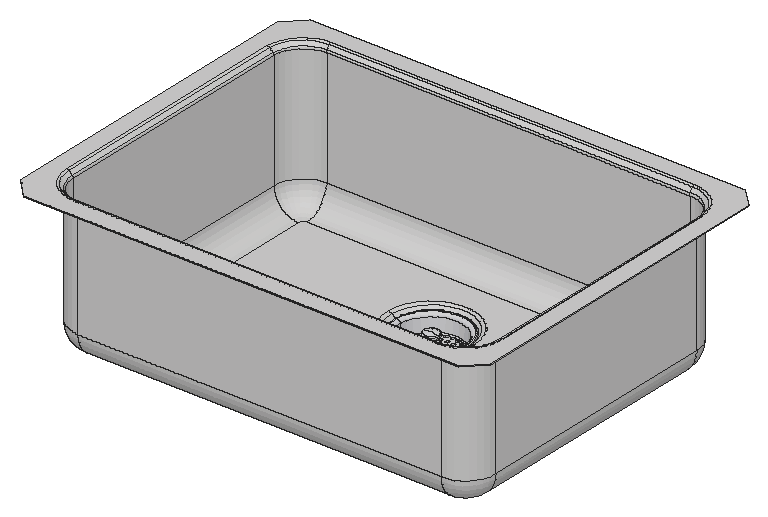
Revit family "Sink-Undermount-Kitchen-KOHLER-Undertone-K-3332", category Plumbing Fixtures, host Face, Revit 2017
Family settings
  Host = Face
  Round Connector Dimension = Use Diameter
  Part Type = Normal
  OmniClass Number = 23.31.13.00
  Cut with Voids When Loaded = No
  Shared = No
  Room Calculation Point = No
Parameters (values of type "NA-Stainless Steel")
  Width = 23"  # constant formula
  WaterSense Certified = 1 = 0  # no
  Waste Water Outlet = "Waste Water Outlet"  # constant formula
  Waste Connection = 1 = 1  # yes
  Vent Connection = 1 = 0  # no
  URL = "https://www.us.kohler.com/us/"
  Type = 1
  Product Page URL = "https://www.us.kohler.com/us/catalog/productDetails.jsp?productId=3332"
  Product Name = "Undertone"  # constant formula
  Product Documentation Link = "https://www.us.kohler.com/webassets/kpna/catalog/pdf/en/K-3332_spec_US-CA_Kohler_en.pdf"
  Model = "K-3332-NA"  # constant formula
  Material = "Premium 18-gauge stainless steel"  # constant formula
  Master Format 2014 Name = "Residential Lavatories and Sinks"  # constant formula
  Master Format 2014 = "22 41 16"  # constant formula
  Manufacturer Address = "444 Highland Dr, Kohler, WI 53044"  # constant formula
  Manufacturer = "KOHLER Co."  # constant formula
  Length = 17 1/2"  # constant formula
  Hot Water Inlet = "Hot Water Inlet"  # constant formula
  Height = 7 5/8"  # constant formula
  HW Connection = 1 = 0  # no
  Finish = Kohler-Metal-NA-Stainless
  Environmental Product Declaration = ""
  Drain Included = 1 = 0  # no
  Description = "23 inch x 17-1/2 inch x 7-5/8 inch Undermount single-bowl extra-large kitchen sink"  # constant formula
  Default Elevation = 36"
  Declare Label = ""
  Date Modified = "12/29/2020"  # constant formula
  Date Created = "12/29/2020"  # constant formula
  Copyright = "Copyright KOHLER Co."  # constant formula
  Contact Us = "https://www.us.kohler.com/us/static/contact.jsp"
  Cold Water Inlet = "Cold Water Inlet"  # constant formula
  CW Connection = 1 = 0  # no
  Assembly Code = "D2010400"
  ADA Compliant = 1 = 0  # no
Reference planes (in)
  plane 1 "Center (Front/Back)": y = 0
  plane 2: z = 0
  plane 3 "Center (Left/Right)": x = 0
  plane 4: z = -1
  plane 5: z = -8.625
  plane 6: z = -11.577
  plane 7: y = 8.75
  plane 8: y = -8.75
  plane 9: y = 7.875
  plane 10: x = -11.5
  plane 11: x = 11.5
  plane 12: x = 10.625
  plane 13: x = -10.625
  plane 14: y = -7.875
  plane 15: y = 2.875
Forms (in)
  Extrusion 1, void
    sketch origin (0, 0, 0) x (1, 0, 0) y (0, 1, 0)
      loop
        line (8.875, 7.875) -> (-8.875, 7.875)
        arc (-8.875, 7.875) -> (-10.11244, 7.36244) -> (-10.625, 6.125) r 1.75
        line (-10.625, 6.125) -> (-10.625, -6.125)
        arc (-10.625, -6.125) -> (-10.11244, -7.36244) -> (-8.875, -7.875) r 1.75
        line (-8.875, -7.875) -> (8.875, -7.875)
        arc (8.875, -7.875) -> (10.11244, -7.36244) -> (10.625, -6.125) r 1.75
        line (10.625, -6.125) -> (10.625, 6.125)
        arc (10.625, 6.125) -> (10.11244, 7.36244) -> (8.875, 7.875) r 1.75
    from -1 to 4.99538
  Extrusion 2, void
    sketch origin (0, 0, 0) x (1, 0, 0) y (0, 1, 0)
      loop
        line (10.62, 8.75) -> (-10.62, 8.75) -> (-11.5, 7.87) -> (-11.5, -7.87) -> (-10.62, -8.75) -> (10.62, -8.75) -> (11.5, -7.87) -> (11.5, 7.87) -> (10.62, 8.75)
    from -11.577 to -1
Dimensions and locks (in)
  locked: level to plane 4 at 1
  "Height": plane 4 to plane 5
  plane 4 to plane 6 = 10.577"
  level to plane 4 = 1"
  plane 5 to plane 4 = 7 5/8"
  "Width": plane 10 to plane 11
  "Length": plane 8 to plane 7
  plane 9 to plane 7 = 7/8"
  plane 15 to plane 7 = 5 7/8"
  plane 10 to plane 3 "Center (Left/Right)" = 11 1/2"
  aligned and locked: plane 2 to host face
  aligned and locked: level to host face
Automatic sketch dimensions
  host sketch curve to host sketch curve = 96"  (x2)
  Extrusion 1 sketch curve to plane 13 = 0"
  plane 9 to Extrusion 1 sketch curve = 0"
  plane 9 to Extrusion 1 sketch curve = 1 3/4"
  Extrusion 1 sketch curve to plane 12 = 1 3/4"
  plane 14 to Extrusion 1 sketch curve = 1 3/4"  (x2)
  Extrusion 1 sketch curve to plane 12 = 0"
  Extrusion 1 sketch curve to plane 14 = 0"
  Extrusion 2 sketch curve to plane 10 = 0"
  plane 7 to Extrusion 2 sketch curve = 0"
  Extrusion 2 sketch curve to plane 13 = 0.005"  (x2)
  Extrusion 2 sketch curve to plane 12 = 0.005"  (x2)
  plane 9 to Extrusion 2 sketch curve = 0.005"  (x2)
  plane 14 to Extrusion 2 sketch curve = 0.005"  (x2)
  Extrusion 2 sketch curve to plane 8 = 0"
  Extrusion 2 sketch curve to plane 11 = 0"
Nested families (in)
  nested 1: "K-3332" at (0, 0, 0), type "K-3332"
Connectors (in)
  piping at (0, 2.875, -11.577), diameter 1.5, driven by "Waste Connection", driven by "Waste Water Outlet"
    settings: on nested 1, index 1, connector inside diameter 24", connector length 0", flow factor 0, pipe flow 0 GPM, pressure drop 0.00 psi, fitting loss kfactor 0, connector angle 0.00°, fixture units 0, engagement length 0", angle of deflection 0.00°, flow configuration 0, flow direction 2, fitting loss method 0, system type 16, joint type 0, gender type 0, connector reference index -1, connector utility 1, adjustable connector no, is connector primary yes, connector description "Waste Water Outlet"
Definition of nested family "K-3332"
  Parameters (values of type "K-3332")
    Material = none
  Reference planes (in)
    plane 1 "Center (Front/Back)": y = 0
    plane 2: z = 0
    plane 3 "Center (Left/Right)": x = 0
    plane 4: y = 8.75
    plane 5: y = -8.75
    plane 6: y = 2.875
    plane 7: x = -11.5
    plane 8: y = 7.875
    plane 9: x = -10.625
    plane 10: x = 10.625
    plane 11: y = -7.875
    plane 12: x = 11.5
    plane 13: z = -1
    plane 14: z = -8.625
    plane 15: z = -11.577
  Forms (in)
    Sweep 1, solid, material <- "Material", detail levels medium+fine
      path origin (0, 0, 0) x (1, 0, 0) y (0, 1, 0)
        loop
          arc (-8.875, 7.875) -> (-10.11244, 7.36244) -> (-10.625, 6.125) r 1.75
          line (-10.625, 6.125) -> (-10.625, -6.125)
          arc (-10.625, -6.125) -> (-10.11244, -7.36244) -> (-8.875, -7.875) r 1.75
          line (-8.875, -7.875) -> (8.875, -7.875)
          arc (8.875, -7.875) -> (10.11244, -7.36244) -> (10.625, -6.125) r 1.75
          line (10.625, -6.125) -> (10.625, 6.125)
          arc (10.625, 6.125) -> (10.11244, 7.36244) -> (8.875, 7.875) r 1.75
          line (8.875, 7.875) -> (-8.875, 7.875)
      profile origin (10.625, 0, 0) x (1, 0, 0) y (0, 0, 1)
        loop
          line (-0.31443, -1.31187) -> (-0.31443, -6.98874)
          arc (-0.31443, -6.98874) -> (-0.66632, -7.83827) -> (-1.51585, -8.19016) r 1.20141
          line (-1.51585, -8.19016) -> (-1.72316, -8.19016) -> (-1.72316, -8.23703) -> (-1.51585, -8.23703)
          arc (-1.51585, -8.23703) -> (-0.63317, -7.87142) -> (-0.26756, -6.98874) r 1.24829
          line (-0.26756, -6.98874) -> (-0.26756, -1.31187)
          arc (-0.26756, -1.31187) -> (-0.25976, -1.27265) -> (-0.23754, -1.2394) r 0.10249
          line (-0.23754, -1.2394) -> (-0.07671, -1.07857)
          arc (-0.07671, -1.07857) -> (-0.04285, -1.05594) -> (-0.00291, -1.048) r 0.10437
          line (-0.00291, -1.048) -> (0.1526, -1.048) -> (0.1526, -1) -> (0, -1)
          arc (0, -1) -> (-0.05953, -1.01184) -> (-0.11, -1.04556) r 0.15556
          line (-0.11, -1.04556) -> (-0.27069, -1.20625)
          arc (-0.27069, -1.20625) -> (-0.30306, -1.25471) -> (-0.31443, -1.31187) r 0.14937
    Revolve 2, solid, material <- "Material", detail levels medium+fine
      sketch origin (-28.37944, 2.875, 48) x (-1, 0, 0) y (0, 0, 1)
        loop
          line (-25.90379, -56.30562) -> (-28.37944, -56.30562) -> (-28.37944, -59.577) -> (-27.51323, -59.577)
          arc (-27.51323, -59.577) -> (-27.42393, -59.54001) -> (-27.38694, -59.45071) r 0.12629
          line (-27.38694, -59.45071) -> (-27.38694, -59.087) -> (-27.46722, -59.087) -> (-27.44078, -59.06916) -> (-27.49824, -59.03041) -> (-27.44078, -58.99166) -> (-27.4976, -58.95333) -> (-27.44078, -58.91501) -> (-27.44078, -58.64405)
          arc (-27.44078, -58.64405) -> (-27.37322, -58.42978) -> (-27.19497, -58.293) r 0.37358
          line (-27.19497, -58.293) -> (-26.81782, -58.15573)
          arc (-26.81782, -58.15573) -> (-26.76019, -58.11088) -> (-26.73966, -58.04079) r 0.11885
          line (-26.73966, -58.04079) -> (-26.6954, -57.99653) -> (-26.6954, -57.887) -> (-26.08926, -57.887) -> (-26.13075, -57.65166)
          arc (-26.13075, -57.65166) -> (-26.15752, -57.60531) -> (-26.20781, -57.587) r 0.07825
          line (-26.20781, -57.587) -> (-26.6954, -57.587) -> (-26.6954, -57.36888) -> (-26.12944, -57.36888) -> (-26.12944, -57.24888) -> (-26.6954, -57.24888) -> (-26.6954, -56.99325) -> (-26.12944, -56.99325) -> (-26.12944, -56.86825) -> (-26.6954, -56.86825) -> (-26.6954, -56.625) -> (-26.50731, -56.625) -> (-26.09553, -56.47512)
          arc (-26.09553, -56.47512) -> (-26.07986, -56.46644) -> (-26.06764, -56.45334) r 0.05726
          line (-26.06764, -56.45334) -> (-26.02257, -56.38652)
          arc (-26.02257, -56.38652) -> (-25.97095, -56.33466) -> (-25.90379, -56.30562) r 0.19396
        axis (-28.37944, -59.577) -> (-28.37944, -56.30562)
      angle from 0 to 360
    Revolve 3, void
      sketch origin (-28.37944, 2.875, 48) x (-1, 0, 0) y (0, 0, 1)
        loop
          arc (-26.78524, -56.63792) -> (-26.73859, -56.50995) -> (-26.62052, -56.44205) r 0.19881
          line (-26.62052, -56.44205) -> (-26.43481, -56.25634)
          arc (-26.43481, -56.25634) -> (-26.36149, -56.20736) -> (-26.27502, -56.19016) r 0.22598
          line (-26.27502, -56.19016) -> (-26.09078, -56.19016) -> (-26.09078, -55.97883) -> (-28.37944, -55.97883) -> (-28.37944, -59.78641) -> (-27.60927, -59.78641) -> (-27.60927, -59.18908) -> (-27.65187, -59.18908) -> (-27.65187, -59.01908) -> (-27.58129, -58.61883) -> (-27.57887, -58.5866) -> (-27.41508, -58.23536) -> (-26.90243, -58.01238)
          arc (-26.90243, -58.01238) -> (-26.81715, -57.94049) -> (-26.78524, -57.83361) r 0.19495
          line (-26.78524, -57.83361) -> (-26.78524, -56.63792)
        axis (-28.37944, -59.78641) -> (-28.37944, -55.97883)
      angle from 0 to 360
    Blend 4, solid, material <- "Material", detail levels medium+fine
      base sketch origin (0, 0, 0) x (1, 0, 0) y (0, 1, 0)
        loop
          circle (0, 2.875) r 2.42721
      top sketch origin (0, 0, 0) x (1, 0, 0) y (0, 1, 0)
        loop
          line (-8.90184, 6.15184) -> (-8.90184, -6.15184) -> (8.90184, -6.15184) -> (8.90184, 6.15184) -> (-8.90184, 6.15184)
      from -8.33297 to -8.23703
    Extrusion 5, solid, material <- "Material", detail levels medium+fine
      sketch origin (0, 0, 0) x (1, 0, 0) y (0, 1, 0)
        loop
          line (-8.90184, 6.15184) -> (-8.90184, -6.15184) -> (8.90184, -6.15184) -> (8.90184, 6.15184) -> (-8.90184, 6.15184)
      from -8.23703 to -8.19016
    Extrusion 6, solid, material <- "Material", detail levels medium+fine
      sketch origin (-0.00105, 2.87521, 0.058) x (1, 0, 0) y (0, 1, 0)
        loop
          arc (0.52568, 0.88409) -> (0.38731, 0.91346) -> (0.27, 0.9925) r 0.37085
          line (0.27, 0.9925) -> (-0.27, 0.9925)
          arc (-0.27, 0.9925) -> (-0.38762, 0.9142) -> (-0.52568, 0.88409) r 0.38138
          line (-0.52568, 0.88409) -> (-0.9011, 0.49595)
          arc (-0.9011, 0.49595) -> (-0.92011, 0.37218) -> (-0.9925, 0.27) r 0.2723
          line (-0.9925, 0.27) -> (-0.9925, -0.27)
          arc (-0.9925, -0.27) -> (-0.92007, -0.37216) -> (-0.9011, -0.49595) r 0.27191
          line (-0.9011, -0.49595) -> (-0.52568, -0.88409)
          arc (-0.52568, -0.88409) -> (-0.38746, -0.91382) -> (-0.27, -0.9925) r 0.37586
          line (-0.27, -0.9925) -> (0.27, -0.9925)
          arc (0.27, -0.9925) -> (0.3874, -0.91367) -> (0.52568, -0.88409) r 0.37376
          line (0.52568, -0.88409) -> (0.9011, -0.49595)
          arc (0.9011, -0.49595) -> (0.92056, -0.37236) -> (0.9925, -0.27) r 0.27654
          line (0.9925, -0.27) -> (0.9925, 0.27)
          arc (0.9925, 0.27) -> (0.91972, 0.37202) -> (0.9011, 0.49595) r 0.26878
          line (0.9011, 0.49595) -> (0.52568, 0.88409)
        loop
          circle (0, 0) r 0.94721
      from -11.46 to -11.145
    Revolve 7, solid, material <- "Material", detail levels medium+fine
      sketch origin (-34.25931, 2.84386, 47.88404) x (-1, 0, 0) y (0, 0, 1)
        loop
          line (-36.21219, -57.3802) -> (-36.30689, -57.3802) -> (-36.33571, -57.40902) -> (-36.33571, -58.1302) -> (-36.45271, -58.1302) -> (-36.45271, -58.21414)
          arc (-36.45271, -58.21414) -> (-36.42794, -58.27393) -> (-36.36815, -58.2987) r 0.08456
          line (-36.36815, -58.2987) -> (-36.21219, -58.2987) -> (-36.21219, -57.3802)
        axis (-36.21219, -58.2987) -> (-36.21219, -57.3802)
      angle from 0 to 360
    Revolve 8, solid, material <- "Material", detail levels medium+fine
      sketch origin (-36.80036, 1.18643, 47.41447) x (-1, 0, 0) y (0, 0, 1)
        loop
          line (-35.82074, -56.91063) -> (-35.91544, -56.91063) -> (-35.94427, -56.93945) -> (-35.94427, -57.69188) -> (-36.06126, -57.69188) -> (-36.06126, -57.77582)
          arc (-36.06126, -57.77582) -> (-36.0365, -57.83561) -> (-35.9767, -57.86038) r 0.08456
          line (-35.9767, -57.86038) -> (-35.82074, -57.86038) -> (-35.82074, -56.91063)
        axis (-35.82074, -57.86038) -> (-35.82074, -56.91063)
      angle from 0 to 360
    Revolve 9, solid, material <- "Material", detail levels medium+fine
      sketch origin (-35.89277, 4.57317, 49.12018) x (-1, 0, 0) y (0, 0, 1)
        loop
          line (-34.91315, -58.61634) -> (-35.00785, -58.61634) -> (-35.03668, -58.64516) -> (-35.03668, -59.36634) -> (-35.15367, -59.36634) -> (-35.15367, -59.45028)
          arc (-35.15367, -59.45028) -> (-35.12891, -59.51007) -> (-35.06911, -59.53484) r 0.08456
          line (-35.06911, -59.53484) -> (-34.91315, -59.53484) -> (-34.91315, -58.61634)
        axis (-34.91315, -59.53484) -> (-34.91315, -58.61634)
      angle from 0 to 360
    Revolve 10, solid, detail levels medium+fine
      sketch origin (-28.37944, 2.875, 48) x (-1, 0, 0) y (0, 0, 1)
        loop
          line (-28.37944, -56.34927) -> (-28.37944, -57.27123) -> (-26.9567, -57.27123)
          arc (-26.9567, -57.27123) -> (-26.88949, -57.24442) -> (-26.8592, -57.17871) r 0.09763
          line (-26.8592, -57.17871) -> (-26.82594, -56.54397)
          arc (-26.82594, -56.54397) -> (-26.78739, -56.46035) -> (-26.70186, -56.42623) r 0.12424
          line (-26.70186, -56.42623) -> (-26.61231, -56.42623)
          arc (-26.61231, -56.42623) -> (-26.59341, -56.40732) -> (-26.61231, -56.38842) r 0.01891
          line (-26.61231, -56.38842) -> (-26.68851, -56.38842)
          arc (-26.68851, -56.38842) -> (-26.80416, -56.43456) -> (-26.85629, -56.54764) r 0.16801
          line (-26.85629, -56.54764) -> (-26.8896, -57.18314)
          arc (-26.8896, -57.18314) -> (-26.90862, -57.2244) -> (-26.95081, -57.24123) r 0.0613
          line (-26.95081, -57.24123) -> (-28.23101, -57.24123) -> (-28.23101, -56.58327)
          arc (-28.23101, -56.58327) -> (-28.21912, -56.55456) -> (-28.1904, -56.54266) r 0.04061
          line (-28.1904, -56.54266) -> (-28.03885, -56.54266)
          arc (-28.03885, -56.54266) -> (-28.01395, -56.53235) -> (-28.00364, -56.50745) r 0.03521
          line (-28.00364, -56.50745) -> (-28.00364, -56.42785)
          arc (-28.00364, -56.42785) -> (-28.01237, -56.40283) -> (-28.03478, -56.38867) r 0.04022
          arc (-28.03478, -56.38867) -> (-28.20599, -56.35915) -> (-28.37944, -56.34927) r 1.52712
        axis (-28.37944, -57.27123) -> (-28.37944, -56.34927)
      angle from 0 to 360
    Extrusion 11, void
      sketch origin (0, -0.00195, 0) x (1, 0, 0) y (0, 1, 0)
        loop
          circle (0.0043, 4.19114) r 0.09488
        loop
          circle (-0.2811, 4.16114) r 0.09488
        loop
          circle (-0.54933, 4.06351) r 0.09488
        loop
          circle (-0.79886, 3.90759) r 0.09488
        loop
          circle (-0.99781, 3.70863) r 0.09488
        loop
          circle (-1.14488, 3.46388) r 0.09488
        loop
          circle (-1.24128, 3.19901) r 0.09488
        loop
          circle (-1.27711, 2.90718) r 0.09488
        loop
          circle (-0.94948, 2.90718) r 0.09488
        loop
          circle (-0.89767, 3.20629) r 0.09488
        loop
          circle (-0.76742, 3.47333) r 0.09488
        loop
          circle (-0.55694, 3.68381) r 0.09488
        loop
          circle (-0.29432, 3.82135) r 0.09488
        loop
          circle (0.00529, 3.86765) r 0.09488
        loop
          circle (0.00529, 3.5346) r 0.09488
        loop
          circle (-0.30676, 3.45099) r 0.09488
        loop
          circle (-0.53615, 3.22159) r 0.09488
        loop
          circle (-0.6198, 2.9094) r 0.09488
        loop
          circle (0.29167, 4.16114) r 0.09488
        loop
          circle (0.5599, 4.06351) r 0.09488
        loop
          circle (0.80943, 3.90759) r 0.09488
        loop
          circle (1.00838, 3.70863) r 0.09488
        loop
          circle (1.15545, 3.46388) r 0.09488
        loop
          circle (1.25185, 3.19901) r 0.09488
        loop
          circle (1.28769, 2.90718) r 0.09488
        loop
          circle (0.96005, 2.90718) r 0.09488
        loop
          circle (0.90824, 3.20629) r 0.09488
        loop
          circle (0.77799, 3.47333) r 0.09488
        loop
          circle (0.56751, 3.68381) r 0.09488
        loop
          circle (0.30489, 3.82135) r 0.09488
        loop
          circle (0.31733, 3.45099) r 0.09488
        loop
          circle (0.54672, 3.22159) r 0.09488
        loop
          circle (0.63038, 2.9094) r 0.09488
        loop
          circle (0.0043, 1.55916) r 0.09488
        loop
          circle (-0.2811, 1.58915) r 0.09488
        loop
          circle (-0.54933, 1.68678) r 0.09488
        loop
          circle (-0.79886, 1.84271) r 0.09488
        loop
          circle (-0.99781, 2.04166) r 0.09488
        loop
          circle (-1.14488, 2.28641) r 0.09488
        loop
          circle (-1.24128, 2.55129) r 0.09488
        loop
          circle (-0.89767, 2.544) r 0.09488
        loop
          circle (-0.76742, 2.27696) r 0.09488
        loop
          circle (-0.55694, 2.06648) r 0.09488
        loop
          circle (-0.29432, 1.92895) r 0.09488
        loop
          circle (0.00529, 1.88265) r 0.09488
        loop
          circle (0.00529, 2.21569) r 0.09488
        loop
          circle (-0.30676, 2.2993) r 0.09488
        loop
          circle (-0.53615, 2.5287) r 0.09488
        loop
          circle (0.29167, 1.58915) r 0.09488
        loop
          circle (0.5599, 1.68678) r 0.09488
        loop
          circle (0.80943, 1.84271) r 0.09488
        loop
          circle (1.00838, 2.04166) r 0.09488
        loop
          circle (1.15545, 2.28641) r 0.09488
        loop
          circle (1.25185, 2.55129) r 0.09488
        loop
          circle (0.90824, 2.544) r 0.09488
        loop
          circle (0.77799, 2.27696) r 0.09488
        loop
          circle (0.56751, 2.06648) r 0.09488
        loop
          circle (0.30489, 1.92895) r 0.09488
        loop
          circle (0.31733, 2.2993) r 0.09488
        loop
          circle (0.54672, 2.5287) r 0.09488
      from -9.67601 to -6.18822
    Extrusion 12, solid, material <- "Material", detail levels medium+fine
      sketch origin (0, 0, 0) x (1, 0, 0) y (0, 1, 0)
        loop
          line (-10.62, 8.75) -> (-11.5, 7.87) -> (-11.5, -7.87) -> (-10.62, -8.75) -> (10.62, -8.75) -> (11.5, -7.87) -> (11.5, 7.87) -> (10.62, 8.75) -> (-10.62, 8.75)
        loop
          line (8.875, 8.0276) -> (-8.875, 8.0276)
          arc (-8.875, 8.0276) -> (-10.22034, 7.47034) -> (-10.7776, 6.125) r 1.9026
          line (-10.7776, 6.125) -> (-10.7776, -6.125)
          arc (-10.7776, -6.125) -> (-10.22034, -7.47034) -> (-8.875, -8.0276) r 1.9026
          line (-8.875, -8.0276) -> (8.875, -8.0276)
          arc (8.875, -8.0276) -> (10.22034, -7.47034) -> (10.7776, -6.125) r 1.9026
          line (10.7776, -6.125) -> (10.7776, 6.125)
          arc (10.7776, 6.125) -> (10.22034, 7.47034) -> (8.875, 8.0276) r 1.9026
      from -1.048 to -1
    Extrusion 13, solid, material <- "Material", detail levels coarse
      sketch origin (0, 0, 0) x (1, 0, 0) y (0, 1, 0)
        loop
          circle (0, 2.875) r 1.75
      from -11.577 to -8.23703
    Extrusion 14, solid, material <- "Material", detail levels coarse
      sketch origin (0, 0, 0) x (1, 0, 0) y (0, 1, 0)
        loop
          line (9.625, 7.875) -> (-9.625, 7.875)
          arc (-9.625, 7.875) -> (-10.33211, 7.58211) -> (-10.625, 6.875) r 1
          line (-10.625, 6.875) -> (-10.625, -6.875)
          arc (-10.625, -6.875) -> (-10.33211, -7.58211) -> (-9.625, -7.875) r 1
          line (-9.625, -7.875) -> (9.625, -7.875)
          arc (9.625, -7.875) -> (10.33211, -7.58211) -> (10.625, -6.875) r 1
          line (10.625, -6.875) -> (10.625, 6.875)
          arc (10.625, 6.875) -> (10.33211, 7.58211) -> (9.625, 7.875) r 1
      from -8.23703 to -1
    Extrusion 15, solid, material <- "Material", detail levels coarse
      sketch origin (0, 0, 0) x (1, 0, 0) y (0, 1, 0)
        loop
          line (10.62, 8.75) -> (-10.62, 8.75) -> (-11.5, 7.87) -> (-11.5, -7.87) -> (-10.62, -8.75) -> (10.62, -8.75) -> (11.5, -7.87) -> (11.5, 7.87) -> (10.62, 8.75)
        loop
          line (9.625, 7.875) -> (-9.625, 7.875)
          arc (-9.625, 7.875) -> (-10.33211, 7.58211) -> (-10.625, 6.875) r 1
          line (-10.625, 6.875) -> (-10.625, -6.875)
          arc (-10.625, -6.875) -> (-10.33211, -7.58211) -> (-9.625, -7.875) r 1
          line (-9.625, -7.875) -> (9.625, -7.875)
          arc (9.625, -7.875) -> (10.33211, -7.58211) -> (10.625, -6.875) r 1
          line (10.625, -6.875) -> (10.625, 6.875)
          arc (10.625, 6.875) -> (10.33211, 7.58211) -> (9.625, 7.875) r 1
      from -1.048 to -1
    Extrusion 16, void
      sketch origin (0, 0, 0) x (1, 0, 0) y (0, 1, 0)
        loop
          line (8.875, 7.48047) -> (-8.875, 7.48047)
          arc (-8.875, 7.48047) -> (-9.83346, 7.08346) -> (-10.23047, 6.125) r 1.35547
          line (-10.23047, 6.125) -> (-10.23047, -6.125)
          arc (-10.23047, -6.125) -> (-9.83346, -7.08346) -> (-8.875, -7.48047) r 1.35547
          line (-8.875, -7.48047) -> (8.875, -7.48047)
          arc (8.875, -7.48047) -> (9.83346, -7.08346) -> (10.23047, -6.125) r 1.35547
          line (10.23047, -6.125) -> (10.23047, 6.125)
          arc (10.23047, 6.125) -> (9.83346, 7.08346) -> (8.875, 7.48047) r 1.35547
      from -8.03471 to 1.7371
  Cuts and joins
    Revolve 3 cuts Sweep 1
    Revolve 3 cuts Revolve 2
    Revolve 3 cuts Blend 4
    Revolve 3 cuts Extrusion 5
    joined: Sweep 1, Revolve 2, Blend 4, Extrusion 5, Extrusion 12
    Extrusion 11 cuts Revolve 10
    Extrusion 16 cuts Extrusion 13
    Extrusion 16 cuts Extrusion 14
    Extrusion 16 cuts Extrusion 15
    joined: Extrusion 13, Extrusion 14, Extrusion 15
  Lines and regions (in)
    Masking region 1
      outline origin (0, 0, 0) x (1, 0, 0) y (0, 1, 0)
        loop
          line (-10.62, 8.75) -> (-11.5, 7.87) -> (-11.5, -7.87) -> (-10.62, -8.75) -> (10.62, -8.75) -> (11.5, -7.87) -> (11.5, 7.87) -> (10.62, 8.75) -> (-10.62, 8.75)
    Masking region 2
      outline origin (0, 0, 0) x (1, 0, 0) y (0, 0, 1)
        loop
          line (-2.35894, -8.38344) -> (-2.31179, -8.45334)
          arc (-2.31179, -8.45334) -> (-2.29958, -8.46644) -> (-2.28391, -8.47512) r 0.05726
          line (-2.28391, -8.47512) -> (-1.87213, -8.625) -> (-1.68404, -8.625) -> (-1.68404, -8.86825) -> (-2.25, -8.86825) -> (-2.25, -8.99325) -> (-1.68404, -8.99325) -> (-1.68404, -9.24888) -> (-2.25, -9.24888) -> (-2.25, -9.36888) -> (-1.68404, -9.36888) -> (-1.68404, -9.587) -> (-2.17163, -9.587)
          arc (-2.17163, -9.587) -> (-2.22192, -9.60531) -> (-2.24868, -9.65166) r 0.07825
          line (-2.24868, -9.65166) -> (-2.29018, -9.887) -> (-1.68404, -9.887) -> (-1.68404, -9.99653) -> (-1.63978, -10.04079)
          arc (-1.63978, -10.04079) -> (-1.61925, -10.11088) -> (-1.56162, -10.15573) r 0.11885
          line (-1.56162, -10.15573) -> (-1.22014, -10.28002) -> (-1.22014, -10.36123)
          arc (-1.22014, -10.36123) -> (-1.19538, -10.421) -> (-1.13562, -10.44576) r 0.08453
          line (-1.13562, -10.44576) -> (-0.99563, -10.44576)
          arc (-0.99563, -10.44576) -> (-0.95318, -10.54089) -> (-0.93866, -10.64405) r 0.37358
          line (-0.93866, -10.64405) -> (-0.93866, -10.91501) -> (-0.88184, -10.95333) -> (-0.93866, -10.99166) -> (-0.8812, -11.03041) -> (-0.93866, -11.06916) -> (-0.91221, -11.087) -> (-0.9925, -11.087) -> (-0.9925, -11.45071)
          arc (-0.9925, -11.45071) -> (-0.95551, -11.54001) -> (-0.86621, -11.577) r 0.12629
          line (-0.86621, -11.577) -> (0, -11.577) -> (0.86621, -11.577)
          arc (0.86621, -11.577) -> (0.95551, -11.54001) -> (0.9925, -11.45071) r 0.12629
          line (0.9925, -11.45071) -> (0.9925, -11.087) -> (0.91221, -11.087) -> (0.93866, -11.06916) -> (0.8812, -11.03041) -> (0.93866, -10.99166) -> (0.88184, -10.95333) -> (0.93866, -10.91501) -> (0.93866, -10.64405)
          arc (0.93866, -10.64405) -> (1.00622, -10.42978) -> (1.18446, -10.293) r 0.37358
          line (1.18446, -10.293) -> (1.56162, -10.15573)
          arc (1.56162, -10.15573) -> (1.61925, -10.11088) -> (1.63978, -10.04079) r 0.11885
          line (1.63978, -10.04079) -> (1.68404, -9.99653) -> (1.68404, -9.887) -> (1.82935, -9.887) -> (1.82935, -10.24616) -> (1.71236, -10.24616) -> (1.71236, -10.32986)
          arc (1.71236, -10.32986) -> (1.73725, -10.38996) -> (1.79735, -10.41486) r 0.08499
          line (1.79735, -10.41486) -> (2.11005, -10.41486)
          arc (2.11005, -10.41486) -> (2.16899, -10.39044) -> (2.1934, -10.3315) r 0.08336
          line (2.1934, -10.3315) -> (2.1934, -10.24616) -> (2.07641, -10.24616) -> (2.07641, -9.887) -> (2.29018, -9.887) -> (2.24868, -9.65166)
          arc (2.24868, -9.65166) -> (2.22192, -9.60531) -> (2.17163, -9.587) r 0.07825
          line (2.17163, -9.587) -> (2.07641, -9.587) -> (2.07641, -9.52499) -> (2.04758, -9.49616) -> (1.85818, -9.49616) -> (1.82935, -9.52499) -> (1.82935, -9.587) -> (1.68404, -9.587) -> (1.68404, -9.36888) -> (2.25, -9.36888) -> (2.25, -9.24888) -> (1.68404, -9.24888) -> (1.68404, -8.99325) -> (2.25, -8.99325) -> (2.25, -8.86825) -> (1.68404, -8.86825) -> (1.68404, -8.625) -> (1.87213, -8.625) -> (2.28391, -8.47512)
          arc (2.28391, -8.47512) -> (2.29958, -8.46644) -> (2.31179, -8.45334) r 0.05726
          line (2.31179, -8.45334) -> (2.35894, -8.38344)
          arc (2.35894, -8.38344) -> (2.39968, -8.34649) -> (2.4529, -8.33259) r 0.1154
          line (2.4529, -8.33259) -> (9.12612, -8.23371)
          arc (9.12612, -8.23371) -> (9.99801, -7.86116) -> (10.3576, -6.98384) r 1.25
          line (10.3576, -6.98384) -> (10.3576, -1.31009)
          arc (10.3576, -1.31009) -> (10.36515, -1.27218) -> (10.38662, -1.24004) r 0.09906
          line (10.38662, -1.24004) -> (10.54632, -1.08035)
          arc (10.54632, -1.08035) -> (10.58215, -1.05641) -> (10.62441, -1.048) r 0.11044
          line (10.62441, -1.048) -> (11.5, -1.048) -> (11.5, -1) -> (-11.5, -1) -> (-11.5, -1.048) -> (-10.62441, -1.048)
          arc (-10.62441, -1.048) -> (-10.58215, -1.05641) -> (-10.54632, -1.08035) r 0.11044
          line (-10.54632, -1.08035) -> (-10.38662, -1.24004)
          arc (-10.38662, -1.24004) -> (-10.36515, -1.27218) -> (-10.3576, -1.31009) r 0.09906
          line (-10.3576, -1.31009) -> (-10.3576, -6.98384)
          arc (-10.3576, -6.98384) -> (-9.99801, -7.86116) -> (-9.12612, -8.23371) r 1.25
          line (-9.12612, -8.23371) -> (-2.4529, -8.33259)
          arc (-2.4529, -8.33259) -> (-2.39968, -8.34649) -> (-2.35894, -8.38344) r 0.1154
    Masking region 3
      outline origin (0, 0, 0) x (0, 1, 0) y (0, 0, 1)
        loop
          arc (5.23981, -8.37475) -> (5.27033, -8.34567) -> (5.31022, -8.33206) r 0.09823
          line (5.31022, -8.33206) -> (6.58314, -8.18833)
          arc (6.58314, -8.18833) -> (7.31422, -7.81048) -> (7.60766, -7.04161) r 1.15401
          line (7.60766, -7.04161) -> (7.60766, -1.31418)
          arc (7.60766, -1.31418) -> (7.61602, -1.27214) -> (7.63983, -1.2365) r 0.10986
          line (7.63983, -1.2365) -> (7.7966, -1.07973)
          arc (7.7966, -1.07973) -> (7.83175, -1.05625) -> (7.8732, -1.048) r 0.10833
          line (7.8732, -1.048) -> (8.75, -1.048) -> (8.75, -1) -> (-8.75, -1) -> (-8.75, -1.048) -> (-7.8732, -1.048)
          arc (-7.8732, -1.048) -> (-7.83175, -1.05625) -> (-7.7966, -1.07973) r 0.10833
          line (-7.7966, -1.07973) -> (-7.63983, -1.2365)
          arc (-7.63983, -1.2365) -> (-7.61602, -1.27214) -> (-7.60766, -1.31418) r 0.10986
          line (-7.60766, -1.31418) -> (-7.60766, -6.98344)
          arc (-7.60766, -6.98344) -> (-7.24796, -7.86087) -> (-6.37587, -8.23331) r 1.25
          line (-6.37587, -8.23331) -> (0.43641, -8.33257)
          arc (0.43641, -8.33257) -> (0.47685, -8.34312) -> (0.5078, -8.3712) r 0.08765
          line (0.5078, -8.3712) -> (0.56321, -8.45334)
          arc (0.56321, -8.45334) -> (0.57542, -8.46644) -> (0.59109, -8.47512) r 0.05726
          line (0.59109, -8.47512) -> (1.00287, -8.625) -> (1.19096, -8.625) -> (1.19096, -8.86825) -> (0.625, -8.86825) -> (0.625, -8.99325) -> (1.19096, -8.99325) -> (1.19096, -9.24888) -> (0.625, -9.24888) -> (0.625, -9.36888) -> (1.19096, -9.36888) -> (1.19096, -9.49616) -> (1.08994, -9.49616) -> (1.06112, -9.52499) -> (1.06112, -9.587) -> (0.70337, -9.587)
          arc (0.70337, -9.587) -> (0.65308, -9.60531) -> (0.62632, -9.65166) r 0.07825
          line (0.62632, -9.65166) -> (0.58482, -9.887) -> (1.06112, -9.887) -> (1.06112, -10.27741) -> (0.94445, -10.27741) -> (0.94445, -10.36219)
          arc (0.94445, -10.36219) -> (0.9687, -10.42072) -> (1.02722, -10.44496) r 0.08277
          line (1.02722, -10.44496) -> (1.34167, -10.44496)
          arc (1.34167, -10.44496) -> (1.4006, -10.42055) -> (1.42501, -10.36161) r 0.08334
          line (1.42501, -10.36161) -> (1.42501, -10.27741) -> (1.3079, -10.27741) -> (1.3079, -10.15373) -> (1.69054, -10.293)
          arc (1.69054, -10.293) -> (1.86878, -10.42978) -> (1.93634, -10.64405) r 0.37358
          line (1.93634, -10.64405) -> (1.93634, -10.91501) -> (1.99316, -10.95333) -> (1.93634, -10.99166) -> (1.9938, -11.03041) -> (1.93634, -11.06916) -> (1.96279, -11.087) -> (1.8825, -11.087) -> (1.8825, -11.45071)
          arc (1.8825, -11.45071) -> (1.91949, -11.54001) -> (2.00879, -11.577) r 0.12629
          line (2.00879, -11.577) -> (2.875, -11.577) -> (3.74121, -11.577)
          arc (3.74121, -11.577) -> (3.83051, -11.54001) -> (3.8675, -11.45071) r 0.12629
          line (3.8675, -11.45071) -> (3.8675, -11.087) -> (3.78721, -11.087) -> (3.81366, -11.06916) -> (3.7562, -11.03041) -> (3.81366, -10.99166) -> (3.75684, -10.95333) -> (3.81366, -10.91501) -> (3.81366, -10.64405)
          arc (3.81366, -10.64405) -> (3.88122, -10.42978) -> (4.05946, -10.293) r 0.37358
          line (4.05946, -10.293) -> (4.44992, -10.15089) -> (4.44992, -10.24616) -> (4.3328, -10.24616) -> (4.3328, -10.33036)
          arc (4.3328, -10.33036) -> (4.35721, -10.3893) -> (4.41614, -10.41371) r 0.08334
          line (4.41614, -10.41371) -> (4.73059, -10.41371)
          arc (4.73059, -10.41371) -> (4.78912, -10.38947) -> (4.81336, -10.33094) r 0.08277
          line (4.81336, -10.33094) -> (4.81336, -10.24616) -> (4.6967, -10.24616) -> (4.6967, -9.887) -> (5.16518, -9.887) -> (5.12368, -9.65166)
          arc (5.12368, -9.65166) -> (5.09692, -9.60531) -> (5.04663, -9.587) r 0.07825
          line (5.04663, -9.587) -> (4.6967, -9.587) -> (4.6967, -9.52499) -> (4.66787, -9.49616) -> (4.55904, -9.49616) -> (4.55904, -9.36888) -> (5.125, -9.36888) -> (5.125, -9.24888) -> (4.55904, -9.24888) -> (4.55904, -8.99325) -> (5.125, -8.99325) -> (5.125, -8.86825) -> (4.55904, -8.86825) -> (4.55904, -8.625) -> (4.74713, -8.625) -> (5.15891, -8.47512)
          arc (5.15891, -8.47512) -> (5.17458, -8.46644) -> (5.18679, -8.45334) r 0.05726
          line (5.18679, -8.45334) -> (5.23981, -8.37475)
    symbolic lines
      curve 1: arc (-10.625, 6.125, 0) -> (-10.11244, 7.36244, 0) -> (-8.875, 7.875, 0) r 1.75
      curve 2: line (8.875, 7.875, 0) -> (-8.875, 7.875, 0)
      curve 3: line (-10.625, 6.125, 0) -> (-10.625, -6.125, 0)
      curve 4: arc (8.875, 7.875, 0) -> (10.11244, 7.36244, 0) -> (10.625, 6.125, 0) r 1.75
      curve 5: line (10.625, -6.125, 0) -> (10.625, 6.125, 0)
      curve 6: arc (-8.875, -7.875, 0) -> (-10.11244, -7.36244, 0) -> (-10.625, -6.125, 0) r 1.75
      curve 7: line (-8.875, -7.875, 0) -> (8.875, -7.875, 0)
      curve 8: arc (10.625, -6.125, 0) -> (10.11244, -7.36244, 0) -> (8.875, -7.875, 0) r 1.75
      curve 9: circle (0, 2.875, 0) r 1.75 normal (0, 0, 1)
    symbolic lines, detail levels medium+fine
      curve 10: arc (-10.23047, 6.125, 0) -> (-9.83346, 7.08346, 0) -> (-8.875, 7.48047, 0) r 1.35547
      curve 11: line (8.875, 7.48047, 0) -> (-8.875, 7.48047, 0)
      curve 12: arc (8.875, 7.48047, 0) -> (9.83346, 7.08346, 0) -> (10.23047, 6.125, 0) r 1.35547
      curve 13: line (10.23047, -6.125, 0) -> (10.23047, 6.125, 0)
      curve 14: line (-10.23047, 6.125, 0) -> (-10.23047, -6.125, 0)
      curve 15: arc (-8.875, -7.48047, 0) -> (-9.83346, -7.08346, 0) -> (-10.23047, -6.125, 0) r 1.35547
      curve 16: line (-8.875, -7.48047, 0) -> (8.875, -7.48047, 0)
      curve 17: arc (10.23047, -6.125, 0) -> (9.83346, -7.08346, 0) -> (8.875, -7.48047, 0) r 1.35547
      curve 18: arc (-0.64266, 4.06916, 0) -> (-0.54778, 3.97427, 0) -> (-0.4529, 4.06916, 0) r 0.09488
      curve 19: arc (-0.4529, 4.06916, 0) -> (-0.54778, 4.16404, 0) -> (-0.64266, 4.06916, 0) r 0.09488
      curve 20: arc (-0.18467, 4.16678, 0) -> (-0.27955, 4.26167, 0) -> (-0.37443, 4.16678, 0) r 0.09488
      curve 21: arc (-0.37443, 4.16678, 0) -> (-0.27955, 4.0719, 0) -> (-0.18467, 4.16678, 0) r 0.09488
      curve 22: arc (0.10073, 4.19678, 0) -> (0.00585, 4.29166, 0) -> (-0.08903, 4.19678, 0) r 0.09488
      curve 23: arc (-0.08903, 4.19678, 0) -> (0.00585, 4.1019, 0) -> (0.10073, 4.19678, 0) r 0.09488
      curve 24: arc (-0.70243, 3.91323, 0) -> (-0.79731, 4.00811, 0) -> (-0.89219, 3.91323, 0) r 0.09488
      curve 25: arc (-0.89219, 3.91323, 0) -> (-0.79731, 3.81835, 0) -> (-0.70243, 3.91323, 0) r 0.09488
      curve 26: arc (-0.90138, 3.71428, 0) -> (-0.99626, 3.80916, 0) -> (-1.09115, 3.71428, 0) r 0.09488
      curve 27: arc (-1.09115, 3.71428, 0) -> (-0.99626, 3.61939, 0) -> (-0.90138, 3.71428, 0) r 0.09488
      curve 28: arc (-1.14485, 3.20465, 0) -> (-1.23973, 3.29953, 0) -> (-1.33462, 3.20465, 0) r 0.09488
      curve 29: arc (-1.33462, 3.20465, 0) -> (-1.23973, 3.10977, 0) -> (-1.14485, 3.20465, 0) r 0.09488
      curve 30: arc (-1.04844, 3.46952, 0) -> (-1.14333, 3.56441, 0) -> (-1.23821, 3.46952, 0) r 0.09488
      curve 31: arc (-1.23821, 3.46952, 0) -> (-1.14333, 3.37464, 0) -> (-1.04844, 3.46952, 0) r 0.09488
      curve 32: arc (-0.67099, 3.47898, 0) -> (-0.76587, 3.57386, 0) -> (-0.86075, 3.47898, 0) r 0.09488
      curve 33: arc (-0.86075, 3.47898, 0) -> (-0.76587, 3.38409, 0) -> (-0.67099, 3.47898, 0) r 0.09488
      curve 34: arc (-0.46051, 3.68945, 0) -> (-0.55539, 3.78434, 0) -> (-0.65027, 3.68945, 0) r 0.09488
      curve 35: arc (-0.65027, 3.68945, 0) -> (-0.55539, 3.59457, 0) -> (-0.46051, 3.68945, 0) r 0.09488
      curve 36: arc (-0.80124, 3.21193, 0) -> (-0.89612, 3.30682, 0) -> (-0.991, 3.21193, 0) r 0.09488
      curve 37: arc (-0.991, 3.21193, 0) -> (-0.89612, 3.11705, 0) -> (-0.80124, 3.21193, 0) r 0.09488
      curve 38: arc (-0.19789, 3.82699, 0) -> (-0.29277, 3.92187, 0) -> (-0.38765, 3.82699, 0) r 0.09488
      curve 39: arc (-0.38765, 3.82699, 0) -> (-0.29277, 3.73211, 0) -> (-0.19789, 3.82699, 0) r 0.09488
      curve 40: arc (0.10172, 3.87329, 0) -> (0.00683, 3.96817, 0) -> (-0.08805, 3.87329, 0) r 0.09488
      curve 41: arc (-0.08805, 3.87329, 0) -> (0.00683, 3.77841, 0) -> (0.10172, 3.87329, 0) r 0.09488
      curve 42: arc (0.10172, 3.54024, 0) -> (0.00683, 3.63513, 0) -> (-0.08805, 3.54024, 0) r 0.09488
      curve 43: arc (-0.08805, 3.54024, 0) -> (0.00683, 3.44536, 0) -> (0.10172, 3.54024, 0) r 0.09488
      curve 44: arc (-0.21032, 3.45663, 0) -> (-0.30521, 3.55152, 0) -> (-0.40009, 3.45663, 0) r 0.09488
      curve 45: arc (-0.40009, 3.45663, 0) -> (-0.30521, 3.36175, 0) -> (-0.21032, 3.45663, 0) r 0.09488
      curve 46: arc (-0.62949, 3.22724, 0) -> (-0.5346, 3.13235, 0) -> (-0.43972, 3.22724, 0) r 0.09488
      curve 47: arc (-0.43972, 3.22724, 0) -> (-0.5346, 3.32212, 0) -> (-0.62949, 3.22724, 0) r 0.09488
      curve 48: arc (-0.71314, 2.8838, 0) -> (-0.61825, 2.78892, 0) -> (-0.52337, 2.8838, 0) r 0.09488
      curve 49: arc (-0.52337, 2.8838, 0) -> (-0.61825, 2.97868, 0) -> (-0.71314, 2.8838, 0) r 0.09488
      curve 50: arc (-0.85305, 2.88157, 0) -> (-0.94793, 2.97645, 0) -> (-1.04282, 2.88157, 0) r 0.09488
      curve 51: arc (-1.04282, 2.88157, 0) -> (-0.94793, 2.78669, 0) -> (-0.85305, 2.88157, 0) r 0.09488
      curve 52: arc (-1.37045, 2.88157, 0) -> (-1.27557, 2.78669, 0) -> (-1.18068, 2.88157, 0) r 0.09488
      curve 53: arc (-1.18068, 2.88157, 0) -> (-1.27557, 2.97645, 0) -> (-1.37045, 2.88157, 0) r 0.09488
      curve 54: arc (0.65633, 4.06916, 0) -> (0.56145, 3.97427, 0) -> (0.46657, 4.06916, 0) r 0.09488
      curve 55: arc (0.46657, 4.06916, 0) -> (0.56145, 4.16404, 0) -> (0.65633, 4.06916, 0) r 0.09488
      curve 56: arc (0.19834, 4.16678, 0) -> (0.29322, 4.26167, 0) -> (0.3881, 4.16678, 0) r 0.09488
      curve 57: arc (0.3881, 4.16678, 0) -> (0.29322, 4.0719, 0) -> (0.19834, 4.16678, 0) r 0.09488
      curve 58: arc (0.7161, 3.91323, 0) -> (0.81098, 4.00811, 0) -> (0.90586, 3.91323, 0) r 0.09488
      curve 59: arc (0.90586, 3.91323, 0) -> (0.81098, 3.81835, 0) -> (0.7161, 3.91323, 0) r 0.09488
      curve 60: arc (0.91505, 3.71428, 0) -> (1.00993, 3.80916, 0) -> (1.10482, 3.71428, 0) r 0.09488
      curve 61: arc (1.10482, 3.71428, 0) -> (1.00993, 3.61939, 0) -> (0.91505, 3.71428, 0) r 0.09488
      curve 62: arc (1.15852, 3.20465, 0) -> (1.2534, 3.29953, 0) -> (1.34828, 3.20465, 0) r 0.09488
      curve 63: arc (1.34828, 3.20465, 0) -> (1.2534, 3.10977, 0) -> (1.15852, 3.20465, 0) r 0.09488
      curve 64: arc (1.06211, 3.46952, 0) -> (1.157, 3.56441, 0) -> (1.25188, 3.46952, 0) r 0.09488
      curve 65: arc (1.25188, 3.46952, 0) -> (1.157, 3.37464, 0) -> (1.06211, 3.46952, 0) r 0.09488
      curve 66: arc (0.68466, 3.47898, 0) -> (0.77954, 3.57386, 0) -> (0.87442, 3.47898, 0) r 0.09488
      curve 67: arc (0.87442, 3.47898, 0) -> (0.77954, 3.38409, 0) -> (0.68466, 3.47898, 0) r 0.09488
      curve 68: arc (0.47418, 3.68945, 0) -> (0.56906, 3.78434, 0) -> (0.66394, 3.68945, 0) r 0.09488
      curve 69: arc (0.66394, 3.68945, 0) -> (0.56906, 3.59457, 0) -> (0.47418, 3.68945, 0) r 0.09488
      curve 70: arc (0.81491, 3.21193, 0) -> (0.90979, 3.30682, 0) -> (1.00467, 3.21193, 0) r 0.09488
      curve 71: arc (1.00467, 3.21193, 0) -> (0.90979, 3.11705, 0) -> (0.81491, 3.21193, 0) r 0.09488
      curve 72: arc (0.21155, 3.82699, 0) -> (0.30644, 3.92187, 0) -> (0.40132, 3.82699, 0) r 0.09488
      curve 73: arc (0.40132, 3.82699, 0) -> (0.30644, 3.73211, 0) -> (0.21155, 3.82699, 0) r 0.09488
      curve 74: arc (0.22399, 3.45663, 0) -> (0.31888, 3.55152, 0) -> (0.41376, 3.45663, 0) r 0.09488
      curve 75: arc (0.41376, 3.45663, 0) -> (0.31888, 3.36175, 0) -> (0.22399, 3.45663, 0) r 0.09488
      curve 76: arc (0.64316, 3.22724, 0) -> (0.54827, 3.13235, 0) -> (0.45339, 3.22724, 0) r 0.09488
      curve 77: arc (0.45339, 3.22724, 0) -> (0.54827, 3.32212, 0) -> (0.64316, 3.22724, 0) r 0.09488
      curve 78: arc (0.72681, 2.8838, 0) -> (0.63192, 2.78892, 0) -> (0.53704, 2.8838, 0) r 0.09488
      curve 79: arc (0.53704, 2.8838, 0) -> (0.63192, 2.97868, 0) -> (0.72681, 2.8838, 0) r 0.09488
      curve 80: arc (0.86672, 2.88157, 0) -> (0.9616, 2.97645, 0) -> (1.05648, 2.88157, 0) r 0.09488
      curve 81: arc (1.05648, 2.88157, 0) -> (0.9616, 2.78669, 0) -> (0.86672, 2.88157, 0) r 0.09488
      curve 82: arc (1.38412, 2.88157, 0) -> (1.28923, 2.78669, 0) -> (1.19435, 2.88157, 0) r 0.09488
      curve 83: arc (1.19435, 2.88157, 0) -> (1.28923, 2.97645, 0) -> (1.38412, 2.88157, 0) r 0.09488
      curve 84: arc (-0.64266, 1.69242, 0) -> (-0.54778, 1.78731, 0) -> (-0.4529, 1.69242, 0) r 0.09488
      curve 85: arc (-0.4529, 1.69242, 0) -> (-0.54778, 1.59754, 0) -> (-0.64266, 1.69242, 0) r 0.09488
      curve 86: arc (-0.18467, 1.5948, 0) -> (-0.27955, 1.49991, 0) -> (-0.37443, 1.5948, 0) r 0.09488
      curve 87: arc (-0.37443, 1.5948, 0) -> (-0.27955, 1.68968, 0) -> (-0.18467, 1.5948, 0) r 0.09488
      curve 88: arc (0.10073, 1.5648, 0) -> (0.00585, 1.46992, 0) -> (-0.08903, 1.5648, 0) r 0.09488
      curve 89: arc (-0.08903, 1.5648, 0) -> (0.00585, 1.65968, 0) -> (0.10073, 1.5648, 0) r 0.09488
      curve 90: arc (-0.70243, 1.84835, 0) -> (-0.79731, 1.75347, 0) -> (-0.89219, 1.84835, 0) r 0.09488
      curve 91: arc (-0.89219, 1.84835, 0) -> (-0.79731, 1.94323, 0) -> (-0.70243, 1.84835, 0) r 0.09488
      curve 92: arc (-0.90138, 2.0473, 0) -> (-0.99626, 1.95242, 0) -> (-1.09115, 2.0473, 0) r 0.09488
      curve 93: arc (-1.09115, 2.0473, 0) -> (-0.99626, 2.14219, 0) -> (-0.90138, 2.0473, 0) r 0.09488
      curve 94: arc (-1.14485, 2.55693, 0) -> (-1.23973, 2.46205, 0) -> (-1.33462, 2.55693, 0) r 0.09488
      curve 95: arc (-1.33462, 2.55693, 0) -> (-1.23973, 2.65181, 0) -> (-1.14485, 2.55693, 0) r 0.09488
      curve 96: arc (-1.04844, 2.29206, 0) -> (-1.14333, 2.19717, 0) -> (-1.23821, 2.29206, 0) r 0.09488
      curve 97: arc (-1.23821, 2.29206, 0) -> (-1.14333, 2.38694, 0) -> (-1.04844, 2.29206, 0) r 0.09488
      curve 98: arc (-0.67099, 2.2826, 0) -> (-0.76587, 2.18772, 0) -> (-0.86075, 2.2826, 0) r 0.09488
      curve 99: arc (-0.86075, 2.2826, 0) -> (-0.76587, 2.37749, 0) -> (-0.67099, 2.2826, 0) r 0.09488
      curve 100: arc (-0.46051, 2.07213, 0) -> (-0.55539, 1.97724, 0) -> (-0.65027, 2.07213, 0) r 0.09488
      curve 101: arc (-0.65027, 2.07213, 0) -> (-0.55539, 2.16701, 0) -> (-0.46051, 2.07213, 0) r 0.09488
      curve 102: arc (-0.80124, 2.54965, 0) -> (-0.89612, 2.45476, 0) -> (-0.991, 2.54965, 0) r 0.09488
      curve 103: arc (-0.991, 2.54965, 0) -> (-0.89612, 2.64453, 0) -> (-0.80124, 2.54965, 0) r 0.09488
      curve 104: arc (-0.19789, 1.93459, 0) -> (-0.29277, 1.83971, 0) -> (-0.38765, 1.93459, 0) r 0.09488
      curve 105: arc (-0.38765, 1.93459, 0) -> (-0.29277, 2.02947, 0) -> (-0.19789, 1.93459, 0) r 0.09488
      curve 106: arc (0.10172, 1.88829, 0) -> (0.00683, 1.79341, 0) -> (-0.08805, 1.88829, 0) r 0.09488
      curve 107: arc (-0.08805, 1.88829, 0) -> (0.00683, 1.98317, 0) -> (0.10172, 1.88829, 0) r 0.09488
      curve 108: arc (0.10172, 2.22133, 0) -> (0.00683, 2.12645, 0) -> (-0.08805, 2.22133, 0) r 0.09488
      curve 109: arc (-0.08805, 2.22133, 0) -> (0.00683, 2.31622, 0) -> (0.10172, 2.22133, 0) r 0.09488
      curve 110: arc (-0.21032, 2.30495, 0) -> (-0.30521, 2.21006, 0) -> (-0.40009, 2.30495, 0) r 0.09488
      curve 111: arc (-0.40009, 2.30495, 0) -> (-0.30521, 2.39983, 0) -> (-0.21032, 2.30495, 0) r 0.09488
      curve 112: arc (-0.62949, 2.53434, 0) -> (-0.5346, 2.62923, 0) -> (-0.43972, 2.53434, 0) r 0.09488
      curve 113: arc (-0.43972, 2.53434, 0) -> (-0.5346, 2.43946, 0) -> (-0.62949, 2.53434, 0) r 0.09488
      curve 114: arc (0.65633, 1.69242, 0) -> (0.56145, 1.78731, 0) -> (0.46657, 1.69242, 0) r 0.09488
      curve 115: arc (0.46657, 1.69242, 0) -> (0.56145, 1.59754, 0) -> (0.65633, 1.69242, 0) r 0.09488
      curve 116: arc (0.19834, 1.5948, 0) -> (0.29322, 1.49991, 0) -> (0.3881, 1.5948, 0) r 0.09488
      curve 117: arc (0.3881, 1.5948, 0) -> (0.29322, 1.68968, 0) -> (0.19834, 1.5948, 0) r 0.09488
      curve 118: arc (0.7161, 1.84835, 0) -> (0.81098, 1.75347, 0) -> (0.90586, 1.84835, 0) r 0.09488
      curve 119: arc (0.90586, 1.84835, 0) -> (0.81098, 1.94323, 0) -> (0.7161, 1.84835, 0) r 0.09488
      curve 120: arc (0.91505, 2.0473, 0) -> (1.00993, 1.95242, 0) -> (1.10482, 2.0473, 0) r 0.09488
      curve 121: arc (1.10482, 2.0473, 0) -> (1.00993, 2.14219, 0) -> (0.91505, 2.0473, 0) r 0.09488
      curve 122: arc (1.15852, 2.55693, 0) -> (1.2534, 2.46205, 0) -> (1.34828, 2.55693, 0) r 0.09488
      curve 123: arc (1.34828, 2.55693, 0) -> (1.2534, 2.65181, 0) -> (1.15852, 2.55693, 0) r 0.09488
      curve 124: arc (1.06211, 2.29206, 0) -> (1.157, 2.19717, 0) -> (1.25188, 2.29206, 0) r 0.09488
      curve 125: arc (1.25188, 2.29206, 0) -> (1.157, 2.38694, 0) -> (1.06211, 2.29206, 0) r 0.09488
      curve 126: arc (0.68466, 2.2826, 0) -> (0.77954, 2.18772, 0) -> (0.87442, 2.2826, 0) r 0.09488
      curve 127: arc (0.87442, 2.2826, 0) -> (0.77954, 2.37749, 0) -> (0.68466, 2.2826, 0) r 0.09488
      curve 128: arc (0.47418, 2.07213, 0) -> (0.56906, 1.97724, 0) -> (0.66394, 2.07213, 0) r 0.09488
      curve 129: arc (0.66394, 2.07213, 0) -> (0.56906, 2.16701, 0) -> (0.47418, 2.07213, 0) r 0.09488
      curve 130: arc (0.81491, 2.54965, 0) -> (0.90979, 2.45476, 0) -> (1.00467, 2.54965, 0) r 0.09488
      curve 131: arc (1.00467, 2.54965, 0) -> (0.90979, 2.64453, 0) -> (0.81491, 2.54965, 0) r 0.09488
      curve 132: arc (0.21155, 1.93459, 0) -> (0.30644, 1.83971, 0) -> (0.40132, 1.93459, 0) r 0.09488
      curve 133: arc (0.40132, 1.93459, 0) -> (0.30644, 2.02947, 0) -> (0.21155, 1.93459, 0) r 0.09488
      curve 134: arc (0.22399, 2.30495, 0) -> (0.31888, 2.21006, 0) -> (0.41376, 2.30495, 0) r 0.09488
      curve 135: arc (0.41376, 2.30495, 0) -> (0.31888, 2.39983, 0) -> (0.22399, 2.30495, 0) r 0.09488
      curve 136: arc (0.64316, 2.53434, 0) -> (0.54827, 2.62923, 0) -> (0.45339, 2.53434, 0) r 0.09488
      curve 137: arc (0.45339, 2.53434, 0) -> (0.54827, 2.43946, 0) -> (0.64316, 2.53434, 0) r 0.09488
      curve 138: circle (0.00683, 2.85735, 0) r 0.37494 normal (0, 0, 1)
      curve 139: circle (0, 2.875, 0) r 1.5 normal (0, 0, 1)
      curve 140: line (-0.90216, 0, -11.087) -> (0.94615, 0, -11.087)
      curve 141: line (-0.99355, 0, -11.402) -> (0.99145, 0, -11.402)
      curve 142: line (-0.90216, 0, -11.402) -> (-0.90216, 0, -11.087)
      curve 143: line (-0.52673, 0, -11.402) -> (-0.52673, 0, -11.087)
      curve 144: line (-0.27105, 0, -11.402) -> (-0.27105, 0, -11.087)
      curve 145: line (0.26895, 0, -11.402) -> (0.26895, 0, -11.087)
      curve 146: line (0.52462, 0, -11.402) -> (0.52462, 0, -11.087)
      curve 147: line (0.90005, 0, -11.402) -> (0.90005, 0, -11.087)
      curve 148: line (-0.8812, 0, -11.03041) -> (0.8812, 0, -11.03041)
      curve 149: line (-0.88184, 0, -10.95333) -> (0.88184, 0, -10.95333)
      curve 150: line (-0.93866, 0, -10.91501) -> (0.93866, 0, -10.91501)
      curve 151: line (-0.93866, 0, -10.64405) -> (0.93866, 0, -10.64405)
      curve 152: line (-0.99563, 0, -10.44576) -> (-0.811, 0, -10.44576)
      curve 153: line (-1.22014, 0, -10.28002) -> (-1.22014, 0, -10.23953)
      curve 154: line (-1.22014, 0, -10.23953) -> (-1.10143, 0, -10.23953)
      curve 155: line (-1.10143, 0, -10.23953) -> (-1.10143, 0, -10.04079)
      curve 156: line (-1.10143, 0, -10.23953) -> (-0.73699, 0, -10.23953)
      curve 157: line (-0.73699, 0, -10.23953) -> (-0.73699, 0, -10.37175)
      curve 158: line (-0.85609, 0, -10.23953) -> (-0.85609, 0, -10.04079)
      curve 159: line (1.63978, 0, -10.04079) -> (-1.63978, 0, -10.04079)
      curve 160: line (1.68404, 0, -9.99653) -> (-1.68404, 0, -9.99653)
      curve 161: line (2.29018, 0, -9.887) -> (-2.29018, 0, -9.887)
      curve 162: line (2.17163, 0, -9.587) -> (-2.17163, 0, -9.587)
      curve 163: line (2.25, 0, -9.36888) -> (-2.25, 0, -9.36888)
      curve 164: line (2.25, 0, -9.24888) -> (-2.25, 0, -9.24888)
      curve 165: line (2.25, 0, -8.99325) -> (-2.25, 0, -8.99325)
      curve 166: line (2.25, 0, -8.86825) -> (-2.25, 0, -8.86825)
      curve 167: line (1.87213, 0, -8.625) -> (-1.87213, 0, -8.625)
      curve 168: arc (-0.73699, 0, -10.37175) -> (-0.75867, 0, -10.42408) -> (-0.811, 0, -10.44576) r 0.07401
      curve 169: line (1.82935, 0, -10.24616) -> (2.07641, 0, -10.24616)
      curve 170: line (1.82935, 0, -9.52499) -> (2.07641, 0, -9.52499)
      curve 171: line (-0.85609, 0, -9.52499) -> (-0.85609, 0, -9.587)
      curve 172: line (-0.85609, 0, -9.52499) -> (-0.88492, 0, -9.49616)
      curve 173: line (-0.88492, 0, -9.49616) -> (-1.07432, 0, -9.49616)
      curve 174: line (-1.07432, 0, -9.49616) -> (-1.10315, 0, -9.52499)
      curve 175: line (-1.10315, 0, -9.52499) -> (-1.10315, 0, -9.587)
      curve 176: line (-1.10315, 0, -9.52499) -> (-0.85609, 0, -9.52499)
      curve 177: line (-2.42721, 0, -8.33297) -> (2.42721, 0, -8.33297)
      curve 178: line (-10.65934, 0, -1.048) -> (10.84066, 0, -1.048)
      curve 179: line (-10.3576, 0, -1.31009) -> (10.3576, 0, -1.31009)
      curve 180: line (0, 3.82241, -11.087) -> (0, 1.90478, -11.087)
      curve 181: line (0, 3.7562, -11.03041) -> (0, 1.9938, -11.03041)
      curve 182: line (0, 3.75684, -10.95333) -> (0, 1.99316, -10.95333)
      curve 183: line (0, 3.81366, -10.91501) -> (0, 1.93634, -10.91501)
      curve 184: line (0, 3.81366, -10.64405) -> (0, 1.93634, -10.64405)
      curve 185: line (0, 3.86771, -11.402) -> (0, 1.88271, -11.402)
      curve 186: line (0, 3.7593, -11.402) -> (0, 3.7593, -11.087)
      curve 187: line (0, 3.37116, -11.402) -> (0, 3.37116, -11.087)
      curve 188: line (0, 3.14521, -11.402) -> (0, 3.14521, -11.087)
      curve 189: line (0, 2.60521, -11.402) -> (0, 2.60521, -11.087)
      curve 190: line (0, 2.37925, -11.402) -> (0, 2.37925, -11.087)
      curve 191: line (0, 1.99111, -11.402) -> (0, 1.99111, -11.087)
      curve 192: line (0, 5.04663, -9.587) -> (0, 1.06112, -9.587)
      curve 193: line (0, 5.16518, -9.887) -> (0, 0.99304, -9.887)
      curve 194: line (0, 5.125, -9.36888) -> (0, 1.19096, -9.36888)
      curve 195: line (0, 5.125, -9.24888) -> (0, 1.19096, -9.24888)
      curve 196: line (0, 5.125, -8.99325) -> (0, 1.19096, -8.99325)
      curve 197: line (0, 5.125, -8.86825) -> (0, 1.19096, -8.86825)
      curve 198: line (0, 4.74713, -8.625) -> (0, 1.19096, -8.625)
      curve 199: line (0, 4.6967, -10.24616) -> (0, 4.44965, -10.24616)
      curve 200: line (0, 4.44992, -10.15089) -> (0, 4.44992, -9.887)
      curve 201: line (0, 4.44992, -9.99653) -> (0, 1.3079, -9.99653)
      curve 202: line (0, 4.44992, -10.04079) -> (0, 1.3079, -10.04079)
      curve 203: line (0, 4.55904, -9.49616) -> (0, 4.47847, -9.49616)
      curve 204: line (0, 4.47847, -9.49616) -> (0, 4.44965, -9.52499)
      curve 205: line (0, 4.44965, -9.52499) -> (0, 4.44965, -9.587)
      curve 206: line (0, 4.44965, -9.52499) -> (0, 4.6967, -9.52499)
      curve 207: line (0, 5.30221, -8.33297) -> (0, 0.46398, -8.33297)
      curve 208: line (0, 1.3079, -10.15373) -> (0, 1.3079, -9.887)
      curve 209: line (0, 1.18643, -9.49616) -> (0, 1.28113, -9.49616)
      curve 210: line (0, 1.28113, -9.49616) -> (0, 1.30996, -9.52499)
      curve 211: line (0, 1.30996, -9.52499) -> (0, 1.30996, -9.587)
      curve 212: line (0, 1.06291, -9.52499) -> (0, 1.30996, -9.52499)
      curve 213: line (0, 1.30996, -10.27741) -> (0, 1.06112, -10.27741)
      curve 214: line (0, 7.87, -1.048) -> (0, -7.87, -1.048)
      curve 215: line (0, -7.87, -1) -> (0, -7.87, -1.048)
      curve 216: line (0, -7.60766, -1.31418) -> (0, 7.60766, -1.31418)
      curve 217: line (0, 7.87, -1) -> (0, 7.87, -1.048)
      curve 218: line (-10.62, 0, -1) -> (-10.62, 0, -1.048)
      curve 219: line (10.62, 0, -1) -> (10.62, 0, -1.048)
  Dimensions and locks (in)
    plane 4 to plane 5 = 17 1/2"
    plane 7 to plane 12 = 23"
    plane 4 to plane 8 = 7/8"
    plane 4 to plane 6 = 5 7/8"
    level to plane 13 = 1"
    plane 13 to plane 14 = 7 5/8"  (x2)
    plane 13 to plane 15 = 10.577"  (x2)
    aligned and locked: plane 2 to level
